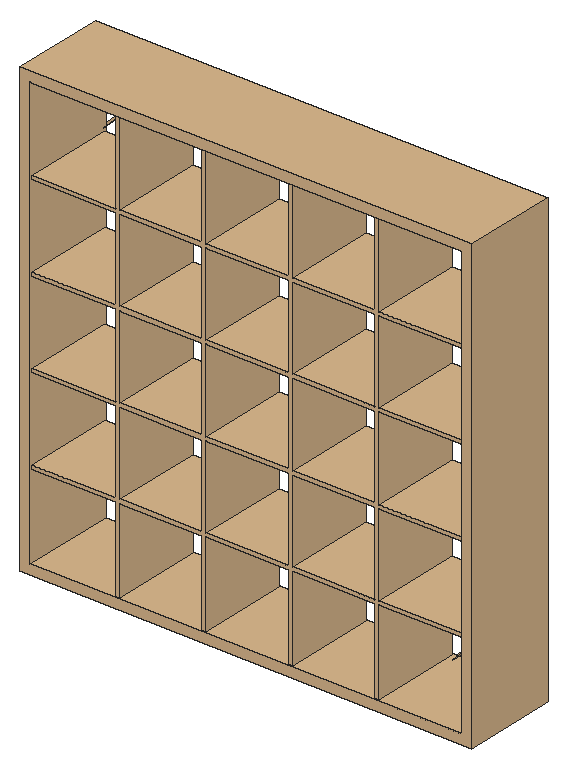
Revit family
Parameters (values of type "1850 x 1850 x 390mm")
  URL = ""
  Type Comments = ""
  Model = ""
  Material = Wood - Birch
  Manufacturer = "Revit"
  Keynote = "N"
  Description = "Bookshelves"
  Cost = 0
  Assembly Code = "E2020200"
Reference planes
  plane 1 "Center (Front/Back)": y = -70.108
  plane 2: z = 0
  plane 3 "Center (Left/Right)": x = 247.054
  plane 4 "back": y = 124.892
  plane 5 "front": y = -265.108
  plane 6: x = -677.946
  plane 7: x = 1172.054
  plane 8: z = 1850
  plane 9: x = -283.946
  plane 10: x = 70.054
  plane 11: x = 424.054
  plane 12: x = 778.054
  plane 13: z = 1456
  plane 14: z = 1102
  plane 15: z = 748
  plane 16: z = 394
  plane 17: y = 116.892
  plane 18: y = -257.108
  plane 19: z = 925
Forms (mm)
  Extrusion 1, solid, material "Wood - Birch" <- "Material"
    sketch origin (0, -265.108, 0) x (1, 0, 0) y (0, 0, 1)
      loop
        line (-677.946, 1850) -> (-677.946, 0) -> (1172.054, 0) -> (1172.054, 1850) -> (-677.946, 1850)
      loop
        line (-637.946, 1810) -> (-637.946, 40) -> (1132.054, 40) -> (1132.054, 1810) -> (-637.946, 1810)
    from -390 to 0
  Extrusion 2, solid, material "Wood - Birch" <- "Material"
    sketch origin (0, -265.108, 0) x (1, 0, 0) y (0, 0, 1)
      loop
        line (-291.446, 1810) -> (-291.446, 1463.5) -> (-637.946, 1463.5) -> (-637.946, 1448.5) -> (-291.446, 1448.5) -> (-291.446, 1109.5) -> (-637.946, 1109.5) -> (-637.946, 1094.5) -> (-291.446, 1094.5) -> (-291.446, 755.5) -> (-637.946, 755.5) -> (-637.946, 740.5) -> (-291.446, 740.5) -> (-291.446, 401.5) -> (-637.946, 401.5) -> (-637.946, 386.5) -> (-291.446, 386.5) -> (-291.446, 40) -> (-276.446, 40) -> (-276.446, 386.5) -> (62.554, 386.5) -> (62.554, 40) -> (77.554, 40) -> (77.554, 386.5) -> (416.554, 386.5) -> (416.554, 40) -> (431.554, 40) -> (431.554, 386.5) -> (770.554, 386.5) -> (770.554, 40) -> (785.554, 40) -> (785.554, 386.5) -> (1132.054, 386.5) -> (1132.054, 401.5) -> (785.554, 401.5) -> (785.554, 740.5) -> (1132.054, 740.5) -> (1132.054, 755.5) -> (785.554, 755.5) -> (785.554, 1094.5) -> (1132.054, 1094.5) -> (1132.054, 1109.5) -> (785.554, 1109.5) -> (785.554, 1448.5) -> (1132.054, 1448.5) -> (1132.054, 1463.5) -> (785.554, 1463.5) -> (785.554, 1810) -> (770.554, 1810) -> (770.554, 1463.5) -> (431.554, 1463.5) -> (431.554, 1810) -> (416.554, 1810) -> (416.554, 1463.5) -> (77.554, 1463.5) -> (77.554, 1810) -> (62.554, 1810) -> (62.554, 1463.5) -> (-276.446, 1463.5) -> (-276.446, 1810) -> (-291.446, 1810)
      loop
        line (-276.446, 1448.5) -> (-276.446, 1109.5) -> (62.554, 1109.5) -> (62.554, 1448.5) -> (-276.446, 1448.5)
      loop
        line (77.554, 1448.5) -> (77.554, 1109.5) -> (416.554, 1109.5) -> (416.554, 1448.5) -> (77.554, 1448.5)
      loop
        line (431.554, 1448.5) -> (431.554, 1109.5) -> (770.554, 1109.5) -> (770.554, 1448.5) -> (431.554, 1448.5)
      loop
        line (770.554, 1094.5) -> (431.554, 1094.5) -> (431.554, 755.5) -> (770.554, 755.5) -> (770.554, 1094.5)
      loop
        line (416.554, 1094.5) -> (77.554, 1094.5) -> (77.554, 755.5) -> (416.554, 755.5) -> (416.554, 1094.5)
      loop
        line (62.554, 1094.5) -> (-276.446, 1094.5) -> (-276.446, 755.5) -> (62.554, 755.5) -> (62.554, 1094.5)
      loop
        line (-276.446, 740.5) -> (-276.446, 401.5) -> (62.554, 401.5) -> (62.554, 740.5) -> (-276.446, 740.5)
      loop
        line (77.554, 740.5) -> (77.554, 401.5) -> (416.554, 401.5) -> (416.554, 740.5) -> (77.554, 740.5)
      loop
        line (431.554, 740.5) -> (431.554, 401.5) -> (770.554, 401.5) -> (770.554, 740.5) -> (431.554, 740.5)
    from -382 to -8
  Extrusion 3, solid, material "Wood - Birch", detail levels medium+fine
    sketch origin (0, -70.108, 0) x (1, 0, 0) y (0, 0, 1)
      loop
        line (778.054, 1830) -> (1145.749, 1462.304) -> (1150.699, 1467.254) -> (783.003, 1834.95) -> (778.054, 1830)
    from -202.341 to -195
  Extrusion 4, solid, material "Wood - Birch", detail levels medium+fine
    sketch origin (494.107, -70.108, 0) x (-1, 0, 0) y (0, 0, -1)
      loop
        line (778.054, -1830) -> (783.003, -1834.95) -> (1150.699, -1467.254) -> (1145.749, -1462.304) -> (778.054, -1830)
    from -202.341 to -195
  Extrusion 5, solid, material "Wood - Birch", detail levels medium+fine
    sketch origin (0, -70.108, 1850) x (1, 0, 0) y (0, 0, 1)
      loop
        line (778.054, -1830) -> (783.003, -1834.95) -> (1150.699, -1467.254) -> (1145.749, -1462.304) -> (778.054, -1830)
    from -202.341 to -195
  Extrusion 6, solid, material "Wood - Birch", detail levels medium+fine
    sketch origin (494.107, -70.108, 1850) x (-1, 0, 0) y (0, 0, -1)
      loop
        line (778.054, 1830) -> (1145.749, 1462.304) -> (1150.699, 1467.254) -> (783.003, 1834.95) -> (778.054, 1830)
    from -202.341 to -195
Lines and regions (mm)
  Masking region 1
    outline origin (0, 0, 0) x (1, 0, 0) y (0, 1, 0)
      loop
        line (-677.946, 124.892) -> (-677.946, -265.108) -> (1172.054, -265.108) -> (1172.054, 124.892) -> (-677.946, 124.892)
  symbolic lines
    curve 1: line (-677.946, 124.892, 0) -> (-677.946, -265.108, 0)
    curve 2: line (1172.054, 124.892, 0) -> (-677.946, 124.892, 0)
    curve 3: line (-677.946, -265.108, 0) -> (1172.054, -265.108, 0)
    curve 4: line (1172.054, -265.108, 0) -> (1172.054, 124.892, 0)
Dimensions and locks
  equal spacing: plane 6, plane 3 "Center (Left/Right)", plane 7
  equal spacing: plane 5 "front", plane 1 "Center (Front/Back)", plane 4 "back"
  locked: plane 5 "front" to plane 4 "back" at 390
  locked: plane 6 to plane 7 at 1850
  locked: plane 8 to plane 2 at 1850
  equal spacing: Extrusion 1, plane 9, plane 10, plane 11, plane 12, Extrusion 1
  equal spacing: Extrusion 1, plane 13, plane 14, plane 15, plane 16, Extrusion 1
  equal spacing: plane 2, plane 19, plane 8
  aligned and locked: plane 6 to Extrusion 1 sketch curve
  aligned and locked: plane 8 to Extrusion 1 sketch curve
  aligned and locked: level to Extrusion 1 sketch curve
  aligned and locked: plane 7 to Extrusion 1 sketch curve
  aligned and locked: Extrusion 1 to plane 4 "back"
  aligned and locked: plane 5 "front" to Extrusion 1
  aligned and locked: Extrusion 2 to plane 17
  aligned and locked: plane 18 to Extrusion 2
  aligned and locked: curve 1 to Extrusion 1
  aligned and locked: curve 2 to Extrusion 1
  aligned and locked: curve 3 to Extrusion 1
  aligned and locked: curve 4 to Extrusion 1
  aligned: plane 4 "back" to Masking region 1 sketch curve
  aligned: plane 5 "front" to Masking region 1 sketch curve
